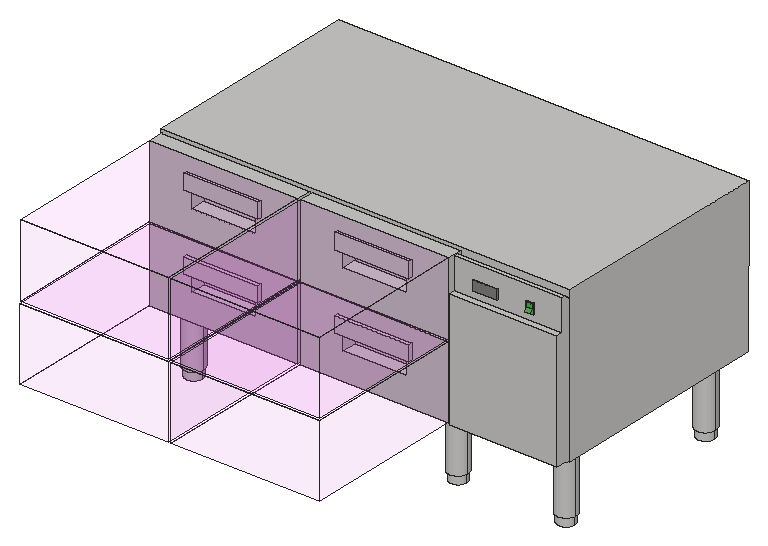
Revit family "QF_ELECTROLUXPROFESSIONAL_371375_E7TTBPCOMIN", category Specialty Equipment, Revit 2018 (continued)
Automatic sketch dimensions
  Split face 136 sketch curve to Split face 136 sketch curve = 4 mm
  Split face 137 sketch curve to Extrusion 4 = 54.499 mm
  Split face 137 sketch curve to Split face 137 sketch curve = 0.02 mm  (x2)
  Split face 137 sketch curve to Extrusion 4 = 22.519 mm
  Split face 137 sketch curve to Extrusion 4 = 92.797 mm
  Split face 137 sketch curve to Split face 137 sketch curve = 4 mm
  Split face 138 sketch curve to Extrusion 4 = 54.499 mm
  Split face 138 sketch curve to Split face 138 sketch curve = 0.02 mm  (x2)
  Split face 138 sketch curve to Extrusion 4 = 22.519 mm
  Split face 138 sketch curve to Extrusion 4 = 104.797 mm
  Split face 138 sketch curve to Split face 138 sketch curve = 4 mm
  Split face 139 sketch curve to Extrusion 4 = 54.499 mm
  Split face 139 sketch curve to Split face 139 sketch curve = 0.02 mm  (x2)
  Split face 139 sketch curve to Extrusion 4 = 22.519 mm
  Split face 139 sketch curve to Extrusion 4 = 116.797 mm
  Split face 139 sketch curve to Split face 139 sketch curve = 4 mm
  Split face 140 sketch curve to Extrusion 4 = 54.499 mm
  Split face 140 sketch curve to Split face 140 sketch curve = 0.02 mm  (x2)
  Split face 140 sketch curve to Extrusion 4 = 22.519 mm
  Split face 140 sketch curve to Extrusion 4 = 128.797 mm
  Split face 140 sketch curve to Split face 140 sketch curve = 4 mm
  Split face 141 sketch curve to Extrusion 4 = 54.499 mm
  Split face 141 sketch curve to Split face 141 sketch curve = 0.02 mm  (x2)
  Split face 141 sketch curve to Extrusion 4 = 22.519 mm
  Split face 141 sketch curve to Extrusion 4 = 137.003 mm
  Split face 141 sketch curve to Split face 141 sketch curve = 4 mm
  Split face 142 sketch curve to Extrusion 4 = 54.499 mm
  Split face 142 sketch curve to Split face 142 sketch curve = 0.02 mm  (x2)
  Split face 142 sketch curve to Extrusion 4 = 22.519 mm
  Split face 142 sketch curve to Extrusion 4 = 125.004 mm
  Split face 142 sketch curve to Split face 142 sketch curve = 4 mm
  Split face 143 sketch curve to Extrusion 4 = 54.499 mm
  Split face 143 sketch curve to Split face 143 sketch curve = 0.02 mm  (x2)
  Split face 143 sketch curve to Extrusion 4 = 22.519 mm
  Split face 143 sketch curve to Extrusion 4 = 113.003 mm
  Split face 143 sketch curve to Split face 143 sketch curve = 4 mm
  Split face 144 sketch curve to Extrusion 4 = 54.499 mm
  Split face 144 sketch curve to Split face 144 sketch curve = 0.02 mm  (x2)
  Split face 144 sketch curve to Extrusion 4 = 22.519 mm
  Split face 144 sketch curve to Extrusion 4 = 101.003 mm
  Split face 144 sketch curve to Split face 144 sketch curve = 4 mm
  Split face 145 sketch curve to Extrusion 4 = 54.499 mm
  Split face 145 sketch curve to Split face 145 sketch curve = 0.02 mm  (x2)
  Split face 145 sketch curve to Extrusion 4 = 22.519 mm
  Split face 145 sketch curve to Extrusion 4 = 89.003 mm
  Split face 145 sketch curve to Split face 145 sketch curve = 4 mm
  Split face 146 sketch curve to Extrusion 4 = 54.499 mm
  Split face 146 sketch curve to Split face 146 sketch curve = 0.02 mm  (x2)
  Split face 146 sketch curve to Extrusion 4 = 22.519 mm
  Split face 146 sketch curve to Extrusion 4 = 77.004 mm
  Split face 146 sketch curve to Split face 146 sketch curve = 4 mm
  Split face 147 sketch curve to Extrusion 4 = 54.499 mm
  Split face 147 sketch curve to Split face 147 sketch curve = 0.02 mm  (x2)
  Split face 147 sketch curve to Extrusion 4 = 22.519 mm
  Split face 147 sketch curve to Extrusion 4 = 65.003 mm
  Split face 147 sketch curve to Split face 147 sketch curve = 4 mm
  Split face 148 sketch curve to Extrusion 4 = 54.499 mm
  Split face 148 sketch curve to Split face 148 sketch curve = 0.02 mm  (x2)
  Split face 148 sketch curve to Extrusion 4 = 22.519 mm
  Split face 148 sketch curve to Extrusion 4 = 53.004 mm
  Split face 148 sketch curve to Split face 148 sketch curve = 4 mm
  Split face 149 sketch curve to Extrusion 4 = 54.499 mm
  Split face 149 sketch curve to Split face 149 sketch curve = 0.02 mm  (x2)
  Split face 149 sketch curve to Extrusion 4 = 22.519 mm
  Split face 149 sketch curve to Extrusion 4 = 41.004 mm
  Split face 149 sketch curve to Split face 149 sketch curve = 4 mm
  Split face 150 sketch curve to Extrusion 4 = 25.004 mm
  Split face 150 sketch curve to Extrusion 4 = 54.499 mm
  Split face 150 sketch curve to Split face 150 sketch curve = 0.02 mm  (x2)
  Split face 150 sketch curve to Extrusion 4 = 22.519 mm
  Split face 150 sketch curve to Split face 150 sketch curve = 4 mm
  Split face 151 sketch curve to Extrusion 4 = 24.901 mm
  Split face 151 sketch curve to Extrusion 4 = 54.499 mm
  Split face 151 sketch curve to Split face 151 sketch curve = 0.02 mm  (x2)
  Split face 151 sketch curve to Extrusion 4 = 22.519 mm
  Split face 151 sketch curve to Split face 151 sketch curve = 4 mm
  Split face 152 sketch curve to Extrusion 4 = 20.5 mm
  Split face 152 sketch curve to Split face 152 sketch curve = 0.02 mm  (x2)
  Split face 152 sketch curve to Split face 152 sketch curve = 31.959 mm
  Split face 152 sketch curve to Extrusion 4 = 140.797 mm
  Split face 152 sketch curve to Split face 152 sketch curve = 4 mm
  Split face 153 sketch curve to Extrusion 4 = 20.5 mm
  Split face 153 sketch curve to Split face 153 sketch curve = 0.02 mm  (x2)
  Split face 153 sketch curve to Split face 153 sketch curve = 31.959 mm
  Split face 153 sketch curve to Extrusion 4 = 152.797 mm
  Split face 153 sketch curve to Split face 153 sketch curve = 4 mm
  Split face 154 sketch curve to Extrusion 4 = 20.5 mm
  Split face 154 sketch curve to Split face 154 sketch curve = 0.02 mm  (x2)
  Split face 154 sketch curve to Split face 154 sketch curve = 31.959 mm
  Split face 154 sketch curve to Extrusion 4 = 148.203 mm
  Split face 154 sketch curve to Split face 154 sketch curve = 4 mm
  Split face 155 sketch curve to Extrusion 4 = 65.502 mm
  Split face 155 sketch curve to Split face 155 sketch curve = 0.02 mm  (x2)
  Split face 155 sketch curve to Split face 155 sketch curve = 31.959 mm
  Split face 155 sketch curve to Extrusion 4 = 140.797 mm
  Split face 155 sketch curve to Split face 155 sketch curve = 4 mm
  Split face 156 sketch curve to Extrusion 4 = 65.502 mm
  Split face 156 sketch curve to Split face 156 sketch curve = 0.02 mm  (x2)
  Split face 156 sketch curve to Split face 156 sketch curve = 31.959 mm
  Split face 156 sketch curve to Extrusion 4 = 152.797 mm
  Split face 156 sketch curve to Split face 156 sketch curve = 4 mm
  Split face 157 sketch curve to Extrusion 4 = 65.502 mm
  Split face 157 sketch curve to Split face 157 sketch curve = 0.02 mm  (x2)
  Split face 157 sketch curve to Split face 157 sketch curve = 31.959 mm
  Split face 157 sketch curve to Extrusion 4 = 148.203 mm
  Split face 157 sketch curve to Split face 157 sketch curve = 4 mm
  Split face 158 sketch curve to Extrusion 4 = 110.502 mm
  Split face 158 sketch curve to Split face 158 sketch curve = 0.02 mm  (x2)
  Split face 158 sketch curve to Split face 158 sketch curve = 31.959 mm
  Split face 158 sketch curve to Extrusion 4 = 140.797 mm
  Split face 158 sketch curve to Split face 158 sketch curve = 4 mm
  Split face 159 sketch curve to Extrusion 4 = 110.502 mm
  Split face 159 sketch curve to Split face 159 sketch curve = 0.02 mm  (x2)
  Split face 159 sketch curve to Split face 159 sketch curve = 31.959 mm
  Split face 159 sketch curve to Extrusion 4 = 152.797 mm
  Split face 159 sketch curve to Split face 159 sketch curve = 4 mm
  Split face 160 sketch curve to Extrusion 4 = 110.502 mm
  Split face 160 sketch curve to Split face 160 sketch curve = 0.02 mm  (x2)
  Split face 160 sketch curve to Split face 160 sketch curve = 31.959 mm
  Split face 160 sketch curve to Extrusion 4 = 148.203 mm
  Split face 160 sketch curve to Split face 160 sketch curve = 4 mm
  Split face 161 sketch curve to Extrusion 4 = 155.502 mm
  Split face 161 sketch curve to Split face 161 sketch curve = 0.02 mm  (x2)
  Split face 161 sketch curve to Split face 161 sketch curve = 31.959 mm
  Split face 161 sketch curve to Extrusion 4 = 140.797 mm
  Split face 161 sketch curve to Split face 161 sketch curve = 4 mm
  Split face 162 sketch curve to Extrusion 4 = 155.502 mm
  Split face 162 sketch curve to Split face 162 sketch curve = 0.02 mm  (x2)
  Split face 162 sketch curve to Split face 162 sketch curve = 31.959 mm
  Split face 162 sketch curve to Extrusion 4 = 152.797 mm
  Split face 162 sketch curve to Split face 162 sketch curve = 4 mm
  Split face 163 sketch curve to Extrusion 4 = 155.502 mm
  Split face 163 sketch curve to Split face 163 sketch curve = 0.02 mm  (x2)
  Split face 163 sketch curve to Split face 163 sketch curve = 31.959 mm
  Split face 163 sketch curve to Extrusion 4 = 148.203 mm
  Split face 163 sketch curve to Split face 163 sketch curve = 4 mm
  Split face 164 sketch curve to Extrusion 4 = 144.498 mm
  Split face 164 sketch curve to Split face 164 sketch curve = 0.02 mm  (x2)
  Split face 164 sketch curve to Split face 164 sketch curve = 31.959 mm
  Split face 164 sketch curve to Extrusion 4 = 140.797 mm
  Split face 164 sketch curve to Split face 164 sketch curve = 4 mm
  Split face 165 sketch curve to Extrusion 4 = 144.498 mm
  Split face 165 sketch curve to Split face 165 sketch curve = 0.02 mm  (x2)
  Split face 165 sketch curve to Split face 165 sketch curve = 31.959 mm
  Split face 165 sketch curve to Extrusion 4 = 152.797 mm
  Split face 165 sketch curve to Split face 165 sketch curve = 4 mm
  Split face 166 sketch curve to Extrusion 4 = 144.498 mm
  Split face 166 sketch curve to Split face 166 sketch curve = 0.02 mm  (x2)
  Split face 166 sketch curve to Split face 166 sketch curve = 31.959 mm
  Split face 166 sketch curve to Extrusion 4 = 148.203 mm
  Split face 166 sketch curve to Split face 166 sketch curve = 4 mm
  Split face 167 sketch curve to Extrusion 4 = 99.499 mm
  Split face 167 sketch curve to Split face 167 sketch curve = 0.02 mm  (x2)
  Split face 167 sketch curve to Split face 167 sketch curve = 31.959 mm
  Split face 167 sketch curve to Extrusion 4 = 140.797 mm
  Split face 167 sketch curve to Split face 167 sketch curve = 4 mm
  Split face 168 sketch curve to Extrusion 4 = 99.499 mm
  Split face 168 sketch curve to Split face 168 sketch curve = 0.02 mm  (x2)
  Split face 168 sketch curve to Split face 168 sketch curve = 31.959 mm
  Split face 168 sketch curve to Extrusion 4 = 152.797 mm
  Split face 168 sketch curve to Split face 168 sketch curve = 4 mm
  Split face 169 sketch curve to Extrusion 4 = 99.499 mm
  Split face 169 sketch curve to Split face 169 sketch curve = 0.02 mm  (x2)
  Split face 169 sketch curve to Split face 169 sketch curve = 31.959 mm
  Split face 169 sketch curve to Extrusion 4 = 148.203 mm
  Split face 169 sketch curve to Split face 169 sketch curve = 4 mm
  Split face 170 sketch curve to Extrusion 4 = 54.499 mm
  Split face 170 sketch curve to Split face 170 sketch curve = 0.02 mm  (x2)
  Split face 170 sketch curve to Extrusion 4 = 22.519 mm
  Split face 170 sketch curve to Extrusion 4 = 140.797 mm
  Split face 170 sketch curve to Split face 170 sketch curve = 4 mm
  Split face 171 sketch curve to Extrusion 4 = 54.499 mm
  Split face 171 sketch curve to Split face 171 sketch curve = 0.02 mm  (x2)
  Split face 171 sketch curve to Extrusion 4 = 22.519 mm
  Split face 171 sketch curve to Extrusion 4 = 152.797 mm
  Split face 171 sketch curve to Split face 171 sketch curve = 4 mm
  Split face 172 sketch curve to Extrusion 4 = 54.499 mm
  Split face 172 sketch curve to Split face 172 sketch curve = 0.02 mm  (x2)
  Split face 172 sketch curve to Extrusion 4 = 22.519 mm
  Split face 172 sketch curve to Extrusion 4 = 148.203 mm
  Split face 172 sketch curve to Split face 172 sketch curve = 4 mm
  Extrusion 9 sketch curve to Extrusion 2 = 15 mm  (x2)
  Extrusion 2 to Extrusion 9 sketch curve = 31.031 mm
  Extrusion 9 sketch curve to Extrusion 2 = 13.969 mm
  Extrusion 11 sketch curve to Extrusion 10 = 15 mm  (x2)
  Extrusion 10 to Extrusion 11 sketch curve = 31.031 mm
  Extrusion 11 sketch curve to Extrusion 10 = 13.969 mm
  Extrusion 13 sketch curve to plane 23 = 0 mm
  plane 18 to Extrusion 13 sketch curve = 4 mm
  plane 12 to Extrusion 13 sketch curve = 73.7 mm
  plane 4 to Extrusion 13 sketch curve = 88.212 mm
  Extrusion 13 sketch curve to Extrusion 13 sketch curve = 186.601 mm
  Extrusion 13 sketch curve to Extrusion 13 sketch curve = 123.7 mm
  plane 4 to Extrusion 13 sketch curve = 9.006 mm
  Extrusion 13 sketch curve to plane 23 = 55.994 mm
  Extrusion 13 to Extrusion 14 sketch curve = 0 mm
  Extrusion 14 sketch curve to Extrusion 13 = 0 mm  (x3)
  Extrusion 15 sketch curve to Extrusion 13 = 15 mm  (x2)
  Extrusion 13 to Extrusion 15 sketch curve = 31.031 mm
  Extrusion 15 sketch curve to Extrusion 13 = 13.969 mm
  Extrusion 16 sketch curve to plane 23 = 0 mm
  plane 4 to Extrusion 16 sketch curve = 9.006 mm
  Extrusion 16 sketch curve to plane 3 "Centro (Sinistra/Destra)" = 152.999 mm
  Extrusion 16 sketch curve to plane 17 = 4.998 mm
  Extrusion 17 sketch curve to plane 23 = 0 mm
  Extrusion 17 sketch curve to plane 17 = 4.998 mm
  Extrusion 17 sketch curve to plane 14 = 71.698 mm
  Extrusion 17 sketch curve to plane 3 "Centro (Sinistra/Destra)" = 29.299 mm
  plane 4 to Extrusion 17 sketch curve = 9.006 mm
  Extrusion 17 sketch curve to Extrusion 17 sketch curve = 123.7 mm
  plane 4 to Extrusion 17 sketch curve = 88.212 mm
  Extrusion 17 sketch curve to plane 23 = 55.994 mm
  Extrusion 18 sketch curve to Extrusion 17 = 15 mm  (x2)
  Extrusion 17 to Extrusion 18 sketch curve = 31.031 mm
  Extrusion 18 sketch curve to Extrusion 17 = 13.969 mm
  curve 1 to plane 6 "BACK" = 0 mm
  curve 1 to plane 18 = 0 mm
  curve 5 to plane 11 = 0 mm
  curve 3 to plane 19 = 0 mm
  curve 17 to plane 10 = 0 mm
  plane 18 to curve 24 = 4 mm
  plane 18 to curve 15 = 4 mm
  curve 24 to plane 3 "Centro (Sinistra/Destra)" = 160.999 mm
  curve 13 to curve 22 = 0 mm
  curve 9 to curve 14 = 8.5 mm
  curve 24 to curve 25 = 8.5 mm
  curve 23 to plane 17 = 4.498 mm
  curve 16 to plane 17 = 4.498 mm
  curve 9 to plane 7 "FRONT" = 123 mm
  curve 9 to curve 10 = 0 mm
  curve 16 to curve 10 = 40 mm
  curve 15 to curve 9 = 40 mm
  curve 22 to curve 11 = 125 mm
  curve 22 to curve 23 = 0 mm
  curve 26 to curve 22 = 40 mm
  curve 25 to curve 23 = 40 mm
  curve 2 to curve 5 = 24 mm
  curve 11 to curve 18 = 20 mm
  curve 19 to curve 22 = 20 mm
  curve 6 to curve 9 = 20 mm
  curve 12 to curve 20 = 20 mm
  curve 10 to curve 7 = 20 mm
  curve 8 to plane 17 = 24.498 mm
  curve 21 to curve 23 = 20 mm
  radius of Extrusion 12 sketch curve = 6 mm
  radius of Split face 2 sketch curve = 1.2 mm
  radius of Split face 3 sketch curve = 1.2 mm
  radius of Split face 4 sketch curve = 1.2 mm
  radius of Split face 5 sketch curve = 1.2 mm
  radius of Split face 6 sketch curve = 1.2 mm
  radius of Split face 7 sketch curve = 1.2 mm
Nested families
  nested 1: "Foot H200" at (-545, -249, 0), type "Foot H200"
  nested 2: "Foot H200" at (-545, 262, 0), type "Foot H200"
  nested 3: "Foot H200" at (229, -249, 0) x (-1, 0, 0) z (0, 0, 1), type "Foot H200"
  nested 4: "Foot H200" at (229, 262, 0) x (-1, 0, 0) z (0, 0, 1), type "Foot H200"
  nested 5: "Foot H200" at (545, -249, 0) x (-1, 0, 0) z (0, 0, 1), type "Foot H200"
  nested 6: "Foot H200" at (545, 262, 0) x (-1, 0, 0) z (0, 0, 1), type "Foot H200"
  nested 7: "01_Refrigerator" at (350, -150, 0), type "01_Refrigerator"
Connectors
  electrical at (558, 190, 189.987)
    settings: on Extrusion 12, index 1, voltage 0 V, apparent load 0 VA, apparent load phase1 0 VA, apparent load phase2 0 VA, apparent load phase3 0 VA, power factor 1, load classification "Altro", number of poles 1, system type 30, power factor state 1, is connector primary yes, connector utility no, sub classification motor no, connector description "Electrical"
Definition of nested family "Foot H200"
  Reference planes
    plane 1 "Centro (Fronte/Retro)": y = 0
    plane 2: z = 0
    plane 3 "Centro (Sinistra/Destra)": x = 0
    plane 4: z = 200
  Forms (mm)
    Revolve 1, solid
      sketch origin (255.05, 0, 608.09) x (0, 0, 1) y (-1, 0, 0)
        loop
          line (-608.09, 255.05) -> (-608.09, 230.05) -> (-583.09, 230.05) -> (-583.09, 226.05) -> (-408.09, 226.05) -> (-408.09, 255.05) -> (-608.09, 255.05)
        axis (-608.09, 255.05) -> (-408.09, 255.05)
      angle from 0 to 360
  Dimensions and locks
    Revolve 1 sketch curve to Revolve 1 sketch curve = 175 mm
    plane 4 to level = 200 mm
    aligned and locked: level to plane 2
    aligned and locked: plane 4 to Revolve 1 sketch curve
    aligned and locked: Revolve 1 sketch curve to level
    aligned and locked: plane 3 "Centro (Sinistra/Destra)" to Revolve 1 sketch curve
Definition of nested family "01_Refrigerator"
  Reference planes
    plane 1 "Center (Front/Back)": y = 0
    plane 2: z = 0
    plane 3 "Center (Left/Right)": x = 0
  Lines and regions (mm)
    detail lines, in view "Ref. Level"
      curve 1: line (0, -60, 0) -> (0, 60, 0)
      curve 2: line (-51.962, 30, 0) -> (51.962, -30, 0)
      curve 3: line (-51.962, -30, 0) -> (51.962, 30, 0)
      curve 4: line (19.116, 56.873, 0) -> (0, 35, 0)
      curve 5: line (0, 35, 0) -> (-19.116, 56.873, 0)
      curve 6: line (-30.311, 17.5, 0) -> (-40, 45.883, 0)
      curve 7: line (-59.736, 11.7, 0) -> (-30.311, 17.5, 0)
      curve 8: line (-30.311, -17.5, 0) -> (-59.736, -11.7, 0)
      curve 9: line (-40, -45.883, 0) -> (-30.311, -17.5, 0)
      curve 10: line (0, -35, 0) -> (-19.116, -56.873, 0)
      curve 11: line (19.116, -56.873, 0) -> (0, -35, 0)
      curve 12: line (30.311, -17.5, 0) -> (39.696, -44.992, 0)
      curve 13: line (58.812, -11.882, 0) -> (30.311, -17.5, 0)
      curve 14: line (30.311, 17.5, 0) -> (58.812, 11.882, 0)
      curve 15: line (39.696, 44.992, 0) -> (30.311, 17.5, 0)
      curve 16: spline (-200, 0, 0) -> (-193.185, -23.294, 0) -> (-173.205, -45, 0) -> (-141.421, -63.64, 0) -> (-100, -77.942, 0) -> (-51.764, -86.933, 0) -> (0, -90, 0) -> (51.764, -86.933, 0) -> (100, -77.942, 0) -> (141.421, -63.64, 0) -> (173.205, -45, 0) -> (193.185, -23.294, 0) -> (200, 0, 0) -> (193.185, 23.294, 0) -> (173.205, 45, 0) -> (141.421, 63.64, 0) -> (100, 77.942, 0) -> (51.764, 86.933, 0) -> (0, 90, 0) -> (-51.764, 86.933, 0) -> (-100, 77.942, 0) -> (-141.421, 63.64, 0) -> (-173.205, 45, 0) -> (-193.185, 23.294, 0) -> (-200, 0, 0)
Types (2, lengths in mm): name | URL | Manufacturer | Phase | Model | Description
  (no name) | 0 | 0 | 0 | 0 | 0
  Standard | "http://professional.electrolux.com" | "Electrolux Professional" | 1 | "E7TTBPCOMIN" | "REFRIGERATED BASE WITH 4 DRAWERS 1200MM-60HZ - R290"
